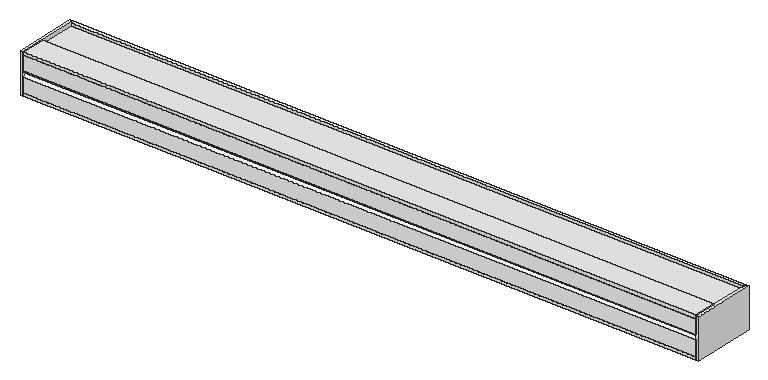
Revit family "4070748+4070747 Feilo Sylvania Lighting Fixture CURSUS 591MM 385LM WIDE LED 4K with SINGLE WALL HOUSING", category Lighting Fixtures, host Face, Revit 2017
Family settings
  Host = Face
  Round Connector Dimension = Use Diameter
  Part Type = Normal
  OmniClass Number = 23.80.70.14
  OmniClass Title = Luminaries for External Lighting
  Cut with Voids When Loaded = Yes
  Light Source = Yes
  Shared = Yes
  Room Calculation Point = No
Parameters (values of type "4070748 CURSUS 591MM 385LM WIDE LED 4K")
  Width_FEILO = 35 mm
  Weight = "1.2 kg"
  Wattage Comments = "n/a"
  Wattage = 9 W
  WarrantyStartDate [instance] = "n/a"
  WarrantyGuarantorParts = "n/a"
  WarrantyDurationUnit = "n/a"
  WarrantyDurationParts = "n/a"
  WarrantyDescription = "n/a"
  WallThickness_FEILO = 2.5 mm
  built-in parameter 1150110 = 1 (stored number, unit not read)
  Voltage = 24 V
  URL = "http://www.sylvania-lighting.com"
  TypeName = "CURSUS 591MM 385LM WIDE LED 4K"
  Type Image = <None>
  Type Comments = "n/a"
  built-in parameter 1114217 = 1 (stored number, unit not read)
  Tilt Angle = -90.00°
  built-in parameter 1150109 = 1 (stored number, unit not read)
  built-in parameter 1150134 = 12
  built-in parameter 1150113 = 1 (stored number, unit not read)
  SerialNumber [instance] = "n/a"
  ReflectorMaterial = none
  PowerFactor = 0
  PowerConsumption = "9 W"
  Photometric Web File = "4070748.ies"
  NominalLength = 591 mm
  NominalHeight = 50 mm
  NominalDepth = 30 mm
  Name = "CURSUS 591MM 385LM WIDE LED 4K"
  ModelReference = Name  # "CURSUS 591MM 385LM WIDE LED 4K"
  ModelNumber = "4070748"
  Model = Name  # "CURSUS 591MM 385LM WIDE LED 4K"
  Material = "natural anodised extruded aluminium structure housing"
  ManufacturerName = "Feilo Sylvania"
  Manufacturer = "Feilo Sylvania"
  LuminousEfficacy = "42.77 lm/W"
  built-in parameter 1150105 = 212.47 (stored number, unit not read)
  Lumens = 385 lm
  LuminaireType = ""
  built-in parameter 1150115 = 1 (stored number, unit not read)
  LightOutputRatio = "100"
  built-in parameter 1150137 = (empty or 0)
  built-in parameter 1150139 = (empty or 0)
  Length_FEILO = 597 mm
  LampsType = Lamp  # "LED"
  LampNominalLuminous = "385 lm"
  LampMacAdamStep = "n/a"
  LampColourTemperature = "4000 K"
  LampColourRenderingIndex = "80"
  built-in parameter 1150112 = 1 (stored number, unit not read)
  built-in parameter 1150114 = 1 (stored number, unit not read)
  Lamp = "LED"
  Keynote = "16500"
  InstallationDate [instance] = "n/a"
  InputVoltage = "24V DC"
  InputNominalFrequency = "n/a"
  built-in parameter 1150132 = (empty or 0)
  built-in parameter 1150102 = (empty or 0)
  built-in parameter 1150107 = 4000 (stored number, unit not read)
  built-in parameter 1150138 = (empty or 0)
  IngressProtection = "IP67"
  ImpactProtectionIndex = "IK07"
  built-in parameter 1150106 = 2.1247 (stored number, unit not read)
  IfcExportType = "IfcLightFixtureType"
  IfcExportAs = "IfcLightFixtureType"
  ExpectedLife = 50000
  EndCapRight [instance] = yes
  EndCapLeft [instance] = yes
  Emit from Rectangle Width = Width_FEILO - WallThickness_FEILO * 2  # 30 mm
  Emit from Rectangle Length = Length_FEILO - WallThickness_FEILO * 2  # 592 mm
  Emit Shape Visible in Rendering = no
  ElectricShockClassification = "Class III"
  built-in parameter 1150104 = 3.9742 (stored number, unit not read)
  DurationUnit = "hours"
  DocumentationLiterature = "http://www.sylvania-lighting.com/product/en-int/products/4070748"
  DimmingControlOptions = "n/a"
  Dimming Lamp Color Temperature Shift = <None>
  DiffuserMaterial = Diffuser-Sylvania-Glow
  Description = "LED Exterior Lighting Recessed Surface Mounted Linear Fixture, Natural anodised extruded aluminium structure. Die-cast aluminium end caps. Installation kit with harmonic steel springs., 385 lm, 9W,  42lm/W, 4000K, CRI80+,non dimmable,IP67, IK07, (HxWxD) 591x50x30mm, 3 step Mac Adam Ellipse, 1.2kg,, Classe III, 21-25V-DC, energy class : A++, A+, A"
  Default Elevation = 1219.2 mm
  CreatedOn = "1/8/2018"
  CreatedBy = ""
  Cost = 0
  Color Filter = 16777215
  built-in parameter 1114216 [instance] = (empty or 0)
  ClassificationValue = "EF_70_80"
  ClassificationName = "Uniclass2015"
  BodyMaterial = Body-Sylvania-Gray
  BarCode [instance] = "n/a"
  built-in parameter 1114218 = 1 (stored number, unit not read)
  built-in parameter 1150133 = 10 (stored number, unit not read)
  AssetType = "Fixed"
  AssetIdentifier [instance] = "n/a"
  Assembly Code = "D5020200"
  Apparent Load = 9 VA
  AccessoryMaterial = Diffuser-Sylvania-Glow
Reference planes
  plane 1 "Center (Front/Back)": y = 0
  plane 2: z = 0
  plane 3 "Center (Left/Right)": x = 0
  plane 4: x = 298.5
  plane 5: x = -298.5
  plane 6: x = -296
  plane 7: x = 296
  plane 8: z = 35
  plane 9: z = 17.5
  plane 10: z = 32.5
  plane 11: z = 2.5
  plane 12: z = 30
  plane 13: z = 5
  plane 14: y = -55
  plane 15: y = -53
  plane 16: y = -2.5
  plane 17: y = -37
  plane 18: y = -34.5
Forms (mm)
  Extrusion 1, solid, material "Body-Sylvania-Gray" <- "BodyMaterial"
    sketch origin (0, 0, 0) x (0, 1, 0) y (0, 0, 1)
      loop
        line (0, 35) -> (-2.5, 35) -> (-2.5, 32.5) -> (-34.5, 32.5) -> (-34.5, 35) -> (-55, 35) -> (-55, 32.5) -> (-37, 32.5) -> (-37, 30) -> (-2.5, 30) -> (-2.5, 5) -> (-37, 5) -> (-37, 2.5) -> (-55, 2.5) -> (-55, 0) -> (-34.5, 0) -> (-34.5, 2.5) -> (-2.5, 2.5) -> (-2.5, 0) -> (0, 0) -> (0, 35)
    from -296 to 296
  Extrusion 2, solid, material "Diffuser-Sylvania-Glow" <- "DiffuserMaterial"
    sketch origin (0, 0, 0) x (0, 1, 0) y (0, 0, 1)
      loop
        line (-37, 32.5) -> (-55, 32.5) -> (-55, 19.5) -> (-53, 17.5) -> (-55, 15.5) -> (-55, 2.5) -> (-37, 2.5) -> (-37, 32.5)
    from -296 to 296
  Extrusion 3, solid, material "Body-Sylvania-Gray" <- "BodyMaterial", visible <- "EndCapRight"
    sketch origin (296, 1524, 1219.2) x (0, 1, 0) y (0, 0, 1)
      loop
        line (-1579, -1184.2) -> (-1579, -1219.2) -> (-1524, -1219.2) -> (-1524, -1184.2) -> (-1579, -1184.2)
    from 0 to 2.5
  Extrusion 4, solid, material "Body-Sylvania-Gray" <- "BodyMaterial", visible <- "EndCapLeft"
    sketch origin (-296, 1524, 1219.2) x (0, 1, 0) y (0, 0, 1)
      loop
        line (-1579, -1184.2) -> (-1579, -1219.2) -> (-1524, -1219.2) -> (-1524, -1184.2) -> (-1579, -1184.2)
    from -2.5 to 0
Dimensions and locks
  equal spacing: plane 5, plane 3 "Center (Left/Right)", plane 4
  "Length_FEILO": plane 5 to plane 4
  equal spacing: plane 6, plane 3 "Center (Left/Right)", plane 7
  "WallThickness_FEILO": plane 5 to plane 6
  locked: plane 9 to plane 2 at 17.5
  locked: plane 8 to plane 2 at 35
  equal spacing: plane 11, plane 9, plane 10
  equal spacing: plane 13, plane 9, plane 12
  "WallThickness_FEILO": plane 12 to plane 10
  locked: plane 14 to plane 15 at 2
  locked: plane 14 to plane 17 at 18
  "WallThickness_FEILO": plane 17 to plane 18
  "WallThickness_FEILO": plane 16 to plane 1 "Center (Front/Back)"
  locked: plane 15 to Extrusion 2 sketch curve (angle 45.00°)
  locked: Extrusion 2 sketch curve to plane 15 (angle 45.00°)
  aligned and locked: plane 2 to host face
  aligned and locked: level to host face
  aligned and locked: plane 1 "Center (Front/Back)" to Extrusion 1 sketch curve
  aligned and locked: Extrusion 1 sketch curve to plane 8  (x2)
  aligned and locked: plane 16 to Extrusion 1 sketch curve
  aligned and locked: host face to Extrusion 1 sketch curve
  aligned and locked: Extrusion 1 sketch curve to plane 16  (x2)
  aligned and locked: Extrusion 1 sketch curve to plane 11
  aligned and locked: plane 18 to Extrusion 1 sketch curve
  aligned and locked: level to Extrusion 1 sketch curve
  aligned and locked: plane 11 to Extrusion 1 sketch curve
  aligned and locked: Extrusion 1 sketch curve to plane 17
  aligned and locked: plane 13 to Extrusion 1 sketch curve
  aligned and locked: Extrusion 1 sketch curve to plane 12
  aligned and locked: plane 10 to Extrusion 1 sketch curve  (x2)
  aligned and locked: plane 17 to Extrusion 1 sketch curve  (x2)
  aligned and locked: plane 12 to Extrusion 1 sketch curve
  aligned and locked: Extrusion 1 sketch curve to plane 10
  aligned and locked: Extrusion 1 sketch curve to plane 18
  aligned and locked: plane 7 to Extrusion 1
  aligned and locked: Extrusion 1 to plane 6
  aligned and locked: Extrusion 2 sketch curve to Extrusion 1  (x4)
  aligned and locked: Extrusion 1 to Extrusion 2 sketch curve
  aligned and locked: plane 9 to Extrusion 2 sketch curve
  aligned and locked: plane 7 to Extrusion 2
  aligned and locked: Extrusion 2 to plane 6
  aligned and locked: Extrusion 3 sketch curve to Extrusion 1  (x4)
  aligned and locked: plane 4 to Extrusion 3
  aligned and locked: Extrusion 3 to plane 7
  aligned and locked: Extrusion 4 sketch curve to Extrusion 3  (x3)
  aligned and locked: Extrusion 4 sketch curve to Extrusion 1
  aligned and locked: Extrusion 4 to plane 5
  aligned and locked: plane 6 to Extrusion 4
  aligned and locked: plane 14 to imposter light
  aligned and locked: imposter light to plane 9
  aligned and locked: plane 3 "Center (Left/Right)" to imposter light
Automatic sketch dimensions
  host sketch curve to host sketch curve = 2438.4 mm  (x2)
  Extrusion 1 sketch curve to plane 14 = 0 mm  (x2)
  Extrusion 2 sketch curve to plane 15 = 0 mm
Connectors
  electrical at (0, 0, 0), driven by "Apparent Load", driven by "PowerFactor", driven by "Voltage"
    settings: index 1, voltage 24 V, apparent load 9 VA, apparent load phase1 0 VA, apparent load phase2 0 VA, apparent load phase3 0 VA, power factor 0, load classification "Lighting", number of poles 1, system type 30, power factor state 1, is connector primary yes, connector utility no, sub classification motor no, connector description ""
